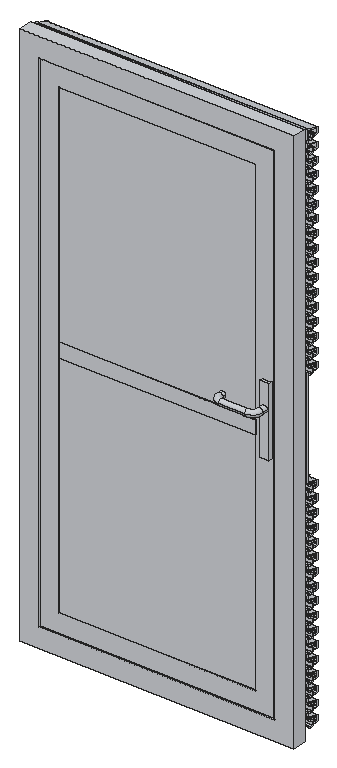
Revit family "NLRS_31_DO_WB_HS42R enkele deur-AV_jazo_jazo", category Doors, host Wall, Revit 2020 (continued)
Definition of nested family "NLRS_31_GM_UN_HS42R start schoep-AV"
  Automatic sketch dimensions
    plane 1 "Center (Front/Back)" to Extrusion 1 sketch curve = 18.195 mm
    Extrusion 1 sketch curve to Extrusion 1 sketch curve = 0 mm  (x2)
    Extrusion 1 sketch curve to Extrusion 1 sketch curve = 0.775 mm
    Extrusion 1 sketch curve to Extrusion 1 sketch curve = 0.005 mm
    Extrusion 1 sketch curve to plane 4 "Top" = 1.836 mm
    Extrusion 1 sketch curve to Extrusion 1 sketch curve = 0.69 mm
    Extrusion 1 sketch curve to Extrusion 1 sketch curve = 0.017 mm
    Extrusion 1 sketch curve to Extrusion 1 sketch curve = 0.902 mm
    Extrusion 1 sketch curve to plane 4 "Top" = 0.727 mm
    Extrusion 1 sketch curve to Extrusion 1 sketch curve = 0.966 mm
    Extrusion 1 sketch curve to Extrusion 1 sketch curve = 1.8 mm  (x3)
    Extrusion 1 sketch curve to Extrusion 1 sketch curve = 3.2 mm  (x2)
    Extrusion 1 sketch curve to plane 4 "Top" = 0.619 mm
    Extrusion 1 sketch curve to Extrusion 1 sketch curve = 0.445 mm
    Extrusion 1 sketch curve to Extrusion 1 sketch curve = 0.562 mm
    Extrusion 1 sketch curve to Extrusion 1 sketch curve = 0.384 mm  (x4)
    Extrusion 1 sketch curve to Extrusion 1 sketch curve = 13.42 mm
    Extrusion 1 sketch curve to Extrusion 1 sketch curve = 1.458 mm
    Extrusion 1 sketch curve to Extrusion 1 sketch curve = 0.292 mm
    Extrusion 1 sketch curve to Extrusion 1 sketch curve = 2.676 mm
    Extrusion 1 sketch curve to Extrusion 1 sketch curve = 1.151 mm  (x3)
    Extrusion 1 sketch curve to Extrusion 1 sketch curve = 1.602 mm
    Extrusion 1 sketch curve to Extrusion 1 sketch curve = 3.248 mm
    Extrusion 1 sketch curve to Extrusion 1 sketch curve = 1.968 mm
    Extrusion 1 sketch curve to Extrusion 1 sketch curve = 0.091 mm
    Extrusion 1 sketch curve to Extrusion 1 sketch curve = 1.014 mm
    Extrusion 1 sketch curve to Extrusion 1 sketch curve = 0.52 mm
    Extrusion 1 sketch curve to Extrusion 1 sketch curve = 1.76 mm
    Extrusion 1 sketch curve to Extrusion 1 sketch curve = 0.51 mm
    Extrusion 1 sketch curve to Extrusion 1 sketch curve = 6.368 mm
    Extrusion 1 sketch curve to Extrusion 1 sketch curve = 7.648 mm
    Extrusion 1 sketch curve to Extrusion 1 sketch curve = 0.43 mm
    Extrusion 1 sketch curve to Extrusion 1 sketch curve = 3.637 mm
    Extrusion 1 sketch curve to Extrusion 1 sketch curve = 1.96 mm
    Extrusion 1 sketch curve to Extrusion 1 sketch curve = 0.083 mm
    Extrusion 1 sketch curve to Extrusion 1 sketch curve = 0.551 mm
    Extrusion 1 sketch curve to Extrusion 1 sketch curve = 5.649 mm
    Extrusion 1 sketch curve to Extrusion 1 sketch curve = 1.554 mm
    Extrusion 1 sketch curve to Extrusion 1 sketch curve = 19.431 mm
    Extrusion 1 sketch curve to Extrusion 1 sketch curve = 10.3 mm
    Extrusion 1 sketch curve to Extrusion 1 sketch curve = 1.553 mm
    Extrusion 1 sketch curve to Extrusion 1 sketch curve = 0.583 mm
    Extrusion 1 sketch curve to Extrusion 1 sketch curve = 0.238 mm
    Extrusion 1 sketch curve to Extrusion 1 sketch curve = 18.595 mm
    Extrusion 1 sketch curve to Extrusion 1 sketch curve = 0.619 mm
    Extrusion 1 sketch curve to Extrusion 1 sketch curve = 0.659 mm
    Extrusion 1 sketch curve to Extrusion 1 sketch curve = 6.932 mm
    Extrusion 1 sketch curve to Extrusion 1 sketch curve = 1.853 mm
    Extrusion 1 sketch curve to Extrusion 1 sketch curve = 3.721 mm
    Extrusion 1 sketch curve to Extrusion 1 sketch curve = 0.603 mm
    Extrusion 1 sketch curve to Extrusion 1 sketch curve = 1.34 mm
    Extrusion 1 sketch curve to Extrusion 1 sketch curve = 0.261 mm
    Extrusion 1 sketch curve to Extrusion 1 sketch curve = 0.001 mm
    Extrusion 1 sketch curve to Extrusion 1 sketch curve = 0.003 mm
Definition of nested family "NLRS_31_GM_UN_HS42R scharnier schoep-AV"
  Parameters (values of type "HS42R scharnier schoep")
    URL = "www.jazo.com"
    NLRS_C_zichtbaar_01 = yes
    NLRS_C_stelruimte_01 = 4 mm  # constant formula
    NLRS_C_materiaal = none
    NLRS_C_breedte_01 = 40 mm  # constant formula
    NLRS_C_breedte [instance] = 1000 mm
    Model = ""
    Manufacturer = "JAZO Zevenaar bv"
    Description = "HS42R scharnier schoep"
    Default Elevation = 0 mm
    Assembly Code = "23.30.60.11.17.11"
  Reference planes
    plane 1 "Center (Front/Back)": y = 0
    plane 2 "Bottom": z = 0
    plane 3 "Center (Left/Right)": x = 0
    plane 4 "Top": z = 62.416
    plane 5 "Left": x = -500
    plane 6 "Right": x = 500
    plane 7 "schoep l": x = -496
    plane 8 "schoep r": x = 496
    plane 9 "scharnier": x = -456
    plane 10 "achterkant schoep": y = -25
    plane 11 "voorkant schoep": y = 25
    plane 12 "voorkant kozijn": y = -36
  Forms (mm)
    Extrusion 1, solid, material <- "NLRS_C_materiaal", visible <- "NLRS_C_zichtbaar_01"
      sketch origin (0, -15, 0) x (0, -1, 0) y (0, 0, -1)
        loop
          arc (-17.722, -2.209) -> (-18.256, -2.566) -> (-18.463, -3.175) r 1
          line (-18.463, -3.175) -> (-18.463, -18.692)
          arc (-18.463, -18.692) -> (-18.658, -19.089) -> (-19.092, -19.175) r 0.5
          line (-19.092, -19.175) -> (-24.123, -17.827)
          arc (-24.123, -17.827) -> (-25.225, -18.464) -> (-24.589, -19.566) r 0.9
          line (-24.589, -19.566) -> (-9.592, -23.584)
          arc (-9.592, -23.584) -> (-8.49, -22.948) -> (-9.126, -21.846) r 0.9
          line (-9.126, -21.846) -> (-16.663, -19.826) -> (-16.663, -3.789) -> (-9.126, -1.769)
          arc (-9.126, -1.769) -> (-8.49, -0.667) -> (-9.592, -0.031) r 0.9
          line (-9.592, -0.031) -> (-17.722, -2.209)
        loop
          arc (-30.663, -7.55) -> (-30.027, -6.448) -> (-31.129, -5.812) r 0.9
          line (-31.129, -5.812) -> (-39.259, -7.99)
          arc (-39.259, -7.99) -> (-39.793, -8.347) -> (-40, -8.956) r 1
          line (-40, -8.956) -> (-40, -27.421)
          arc (-40, -27.421) -> (-39.793, -28.03) -> (-39.259, -28.387) r 1
          line (-39.259, -28.387) -> (3.2, -39.764) -> (3.2, -59.722)
          arc (3.2, -59.722) -> (3.004, -60.119) -> (2.571, -60.205) r 0.5
          line (2.571, -60.205) -> (-2.671, -58.801)
          arc (-2.671, -58.801) -> (-3.773, -59.437) -> (-3.137, -60.54) r 0.9
          line (-3.137, -60.54) -> (3.741, -62.382)
          arc (3.741, -62.382) -> (4.609, -62.21) -> (5, -61.417) r 1
          line (5, -61.417) -> (5, -50.413) -> (10, -50.413) -> (10, -45.413) -> (8.2, -45.413) -> (8.2, -48.613) -> (5, -48.613) -> (5, -37.109)
          arc (5, -37.109) -> (4.098, -36.413) -> (3.195, -37.109) r 0.933
          line (3.195, -37.109) -> (3.195, -37.899) -> (-38.2, -26.807) -> (-38.2, -19.089) -> (-36.2, -19.089)
          arc (-36.2, -19.089) -> (-35.3, -18.189) -> (-36.2, -17.289) r 0.9
          line (-36.2, -17.289) -> (-38.2, -17.289) -> (-38.2, -9.57) -> (-30.663, -7.55)
      from -456 to 496
  Dimensions and locks
    equal spacing: plane 5 "Left", plane 3 "Center (Left/Right)", plane 6 "Right"
    "NLRS_C_breedte": plane 5 "Left" to plane 6 "Right"
    "NLRS_C_breedte_01": plane 7 "schoep l" to plane 9 "scharnier"
    "NLRS_C_stelruimte_01": plane 8 "schoep r" to plane 6 "Right"
    "NLRS_C_stelruimte_01": plane 5 "Left" to plane 7 "schoep l"
    locked: plane 10 "achterkant schoep" to plane 12 "voorkant kozijn" at 11
    aligned and locked: level to plane 2 "Bottom"
    aligned and locked: plane 8 "schoep r" to Extrusion 1
    aligned and locked: Extrusion 1 to plane 9 "scharnier"
  Automatic sketch dimensions
    Extrusion 1 sketch curve to plane 1 "Center (Front/Back)" = 25 mm
    Extrusion 1 sketch curve to Extrusion 1 sketch curve = 0.741 mm  (x3)
    level to Extrusion 1 sketch curve = 7.99 mm
    Extrusion 1 sketch curve to Extrusion 1 sketch curve = 1 mm
    Extrusion 1 sketch curve to Extrusion 1 sketch curve = 0.259 mm  (x3)
    Extrusion 1 sketch curve to Extrusion 1 sketch curve = 0.8 mm  (x3)
    Extrusion 1 sketch curve to Extrusion 1 sketch curve = 2 mm
    Extrusion 1 sketch curve to Extrusion 1 sketch curve = 7.071 mm
    Extrusion 1 sketch curve to Extrusion 1 sketch curve = 0.233 mm  (x10)
    level to Extrusion 1 sketch curve = 7.55 mm
    Extrusion 1 sketch curve to plane 1 "Center (Front/Back)" = 9.589 mm
    Extrusion 1 sketch curve to plane 1 "Center (Front/Back)" = 4.092 mm
    Extrusion 1 sketch curve to Extrusion 1 sketch curve = 0.129 mm  (x2)
    Extrusion 1 sketch curve to plane 1 "Center (Front/Back)" = 3.463 mm
    level to Extrusion 1 sketch curve = 0.031 mm
    plane 1 "Center (Front/Back)" to Extrusion 1 sketch curve = 5.408 mm  (x2)
    level to Extrusion 1 sketch curve = 1.769 mm
    Extrusion 1 sketch curve to plane 4 "Top" = 1.877 mm
    plane 1 "Center (Front/Back)" to Extrusion 1 sketch curve = 11.863 mm
    Extrusion 1 sketch curve to plane 4 "Top" = 3.615 mm
    Extrusion 1 sketch curve to plane 4 "Top" = 2.211 mm
    Extrusion 1 sketch curve to Extrusion 1 sketch curve = 5.241 mm
    plane 1 "Center (Front/Back)" to Extrusion 1 sketch curve = 18.195 mm
    Extrusion 1 sketch curve to Extrusion 1 sketch curve = 0.005 mm
    Extrusion 1 sketch curve to plane 4 "Top" = 0.034 mm
    Extrusion 1 sketch curve to Extrusion 1 sketch curve = 1.171 mm
    Extrusion 1 sketch curve to Extrusion 1 sketch curve = 0.902 mm  (x2)
    Extrusion 1 sketch curve to Extrusion 1 sketch curve = 1.8 mm  (x3)
    Extrusion 1 sketch curve to Extrusion 1 sketch curve = 3.2 mm  (x2)
    Extrusion 1 sketch curve to Extrusion 1 sketch curve = 9.31 mm
    Extrusion 1 sketch curve to Extrusion 1 sketch curve = 5.649 mm
    Extrusion 1 sketch curve to Extrusion 1 sketch curve = 1.865 mm
    Extrusion 1 sketch curve to Extrusion 1 sketch curve = 0.553 mm
    Extrusion 1 sketch curve to Extrusion 1 sketch curve = 0.79 mm
    Extrusion 1 sketch curve to Extrusion 1 sketch curve = 19.431 mm
    Extrusion 1 sketch curve to Extrusion 1 sketch curve = 0.614 mm  (x3)
    Extrusion 1 sketch curve to Extrusion 1 sketch curve = 13.525 mm
    Extrusion 1 sketch curve to Extrusion 1 sketch curve = 0.869 mm  (x3)
    Extrusion 1 sketch curve to Extrusion 1 sketch curve = 2.019 mm
    Extrusion 1 sketch curve to Extrusion 1 sketch curve = 0.26 mm
    Extrusion 1 sketch curve to Extrusion 1 sketch curve = 0.651 mm
    Extrusion 1 sketch curve to Extrusion 1 sketch curve = 7.719 mm
    Extrusion 1 sketch curve to Extrusion 1 sketch curve = 0.9 mm
    level to Extrusion 1 sketch curve = 3.789 mm
Definition of nested family "NLRS_31_GM_UN_HS42R schoep-AV"
  Parameters (values of type "HS42R schoep")
    URL = "www.jazo.com"
    NLRS_C_zichtbaar_01 = yes
    NLRS_C_stelruimte_01 = 4 mm  # constant formula
    NLRS_C_materiaal = none
    NLRS_C_breedte [instance] = 1000 mm
    Model = ""
    Manufacturer = "JAZO Zevenaar bv"
    Description = "HS42R schoep"
    Default Elevation = 0 mm
    Assembly Code = "23.30.60.11.17.11"
  Reference planes
    plane 1 "Center (Front/Back)": y = 0
    plane 2 "Bottom": z = 0
    plane 3 "Center (Left/Right)": x = 0
    plane 4 "Top": z = 62.416
    plane 5 "Left": x = -500
    plane 6 "Right": x = 500
    plane 7 "schoep l": x = -496
    plane 8 "schoep r": x = 496
    plane 9 "achterkant schoep": y = -25
    plane 10 "voorkant schoep": y = 25
    plane 11 "voorkant kozijn": y = -36
  Forms (mm)
    Extrusion 1, solid, material <- "NLRS_C_materiaal", visible <- "NLRS_C_zichtbaar_01"
      sketch origin (0, -15, 0) x (0, -1, 0) y (0, 0, -1)
        loop
          arc (-17.722, -2.209) -> (-18.256, -2.566) -> (-18.463, -3.175) r 1
          line (-18.463, -3.175) -> (-18.463, -18.692)
          arc (-18.463, -18.692) -> (-18.658, -19.089) -> (-19.092, -19.175) r 0.5
          line (-19.092, -19.175) -> (-24.123, -17.827)
          arc (-24.123, -17.827) -> (-25.225, -18.464) -> (-24.589, -19.566) r 0.9
          line (-24.589, -19.566) -> (-9.592, -23.584)
          arc (-9.592, -23.584) -> (-8.49, -22.948) -> (-9.126, -21.846) r 0.9
          line (-9.126, -21.846) -> (-16.663, -19.826) -> (-16.663, -3.789) -> (-9.126, -1.769)
          arc (-9.126, -1.769) -> (-8.49, -0.667) -> (-9.592, -0.031) r 0.9
          line (-9.592, -0.031) -> (-17.722, -2.209)
        loop
          arc (-30.663, -7.55) -> (-30.027, -6.448) -> (-31.129, -5.812) r 0.9
          line (-31.129, -5.812) -> (-39.259, -7.99)
          arc (-39.259, -7.99) -> (-39.793, -8.347) -> (-40, -8.956) r 1
          line (-40, -8.956) -> (-40, -27.421)
          arc (-40, -27.421) -> (-39.793, -28.03) -> (-39.259, -28.387) r 1
          line (-39.259, -28.387) -> (3.2, -39.764) -> (3.2, -59.722)
          arc (3.2, -59.722) -> (3.004, -60.119) -> (2.571, -60.205) r 0.5
          line (2.571, -60.205) -> (-2.671, -58.801)
          arc (-2.671, -58.801) -> (-3.773, -59.437) -> (-3.137, -60.54) r 0.9
          line (-3.137, -60.54) -> (3.741, -62.382)
          arc (3.741, -62.382) -> (4.609, -62.21) -> (5, -61.417) r 1
          line (5, -61.417) -> (5, -50.413) -> (10, -50.413) -> (10, -45.413) -> (8.2, -45.413) -> (8.2, -48.613) -> (5, -48.613) -> (5, -37.109)
          arc (5, -37.109) -> (4.098, -36.413) -> (3.195, -37.109) r 0.933
          line (3.195, -37.109) -> (3.195, -37.899) -> (-38.2, -26.807) -> (-38.2, -19.089) -> (-36.2, -19.089)
          arc (-36.2, -19.089) -> (-35.3, -18.189) -> (-36.2, -17.289) r 0.9
          line (-36.2, -17.289) -> (-38.2, -17.289) -> (-38.2, -9.57) -> (-30.663, -7.55)
      from -496 to 496
  Dimensions and locks
    equal spacing: plane 5 "Left", plane 3 "Center (Left/Right)", plane 6 "Right"
    "NLRS_C_breedte": plane 5 "Left" to plane 6 "Right"
    "NLRS_C_stelruimte_01": plane 8 "schoep r" to plane 6 "Right"
    "NLRS_C_stelruimte_01": plane 5 "Left" to plane 7 "schoep l"
    locked: plane 9 "achterkant schoep" to plane 11 "voorkant kozijn" at 11
    aligned and locked: level to plane 2 "Bottom"
    aligned and locked: plane 8 "schoep r" to Extrusion 1
    aligned and locked: Extrusion 1 to plane 7 "schoep l"
  Automatic sketch dimensions
    Extrusion 1 sketch curve to plane 1 "Center (Front/Back)" = 25 mm
    Extrusion 1 sketch curve to Extrusion 1 sketch curve = 0.741 mm  (x3)
    level to Extrusion 1 sketch curve = 7.99 mm
    Extrusion 1 sketch curve to Extrusion 1 sketch curve = 1 mm
    Extrusion 1 sketch curve to Extrusion 1 sketch curve = 0.259 mm  (x3)
    Extrusion 1 sketch curve to Extrusion 1 sketch curve = 0.8 mm  (x3)
    Extrusion 1 sketch curve to Extrusion 1 sketch curve = 2 mm
    Extrusion 1 sketch curve to Extrusion 1 sketch curve = 7.071 mm
    Extrusion 1 sketch curve to Extrusion 1 sketch curve = 0.233 mm  (x10)
    level to Extrusion 1 sketch curve = 7.55 mm
    Extrusion 1 sketch curve to plane 1 "Center (Front/Back)" = 9.589 mm
    Extrusion 1 sketch curve to plane 1 "Center (Front/Back)" = 4.092 mm
    Extrusion 1 sketch curve to Extrusion 1 sketch curve = 0.129 mm  (x2)
    Extrusion 1 sketch curve to plane 1 "Center (Front/Back)" = 3.463 mm
    level to Extrusion 1 sketch curve = 0.031 mm
    plane 1 "Center (Front/Back)" to Extrusion 1 sketch curve = 5.408 mm  (x2)
    level to Extrusion 1 sketch curve = 1.769 mm
    Extrusion 1 sketch curve to plane 4 "Top" = 1.877 mm
    plane 1 "Center (Front/Back)" to Extrusion 1 sketch curve = 11.863 mm
    Extrusion 1 sketch curve to plane 4 "Top" = 3.615 mm
    Extrusion 1 sketch curve to plane 4 "Top" = 2.211 mm
    Extrusion 1 sketch curve to Extrusion 1 sketch curve = 5.241 mm
    plane 1 "Center (Front/Back)" to Extrusion 1 sketch curve = 18.195 mm
    Extrusion 1 sketch curve to Extrusion 1 sketch curve = 0.005 mm
    Extrusion 1 sketch curve to plane 4 "Top" = 0.034 mm
    Extrusion 1 sketch curve to Extrusion 1 sketch curve = 1.171 mm
    Extrusion 1 sketch curve to Extrusion 1 sketch curve = 0.902 mm  (x2)
    Extrusion 1 sketch curve to Extrusion 1 sketch curve = 1.8 mm  (x3)
    Extrusion 1 sketch curve to Extrusion 1 sketch curve = 3.2 mm  (x2)
    Extrusion 1 sketch curve to Extrusion 1 sketch curve = 9.31 mm
    Extrusion 1 sketch curve to Extrusion 1 sketch curve = 5.649 mm
    Extrusion 1 sketch curve to Extrusion 1 sketch curve = 1.865 mm
    Extrusion 1 sketch curve to Extrusion 1 sketch curve = 0.553 mm
    Extrusion 1 sketch curve to Extrusion 1 sketch curve = 0.79 mm
    Extrusion 1 sketch curve to Extrusion 1 sketch curve = 19.431 mm
    Extrusion 1 sketch curve to Extrusion 1 sketch curve = 0.614 mm  (x3)
    Extrusion 1 sketch curve to Extrusion 1 sketch curve = 13.525 mm
    Extrusion 1 sketch curve to Extrusion 1 sketch curve = 0.869 mm  (x3)
    Extrusion 1 sketch curve to Extrusion 1 sketch curve = 2.019 mm
    Extrusion 1 sketch curve to Extrusion 1 sketch curve = 0.26 mm
    Extrusion 1 sketch curve to Extrusion 1 sketch curve = 0.651 mm
    Extrusion 1 sketch curve to Extrusion 1 sketch curve = 7.719 mm
    Extrusion 1 sketch curve to Extrusion 1 sketch curve = 0.9 mm
    level to Extrusion 1 sketch curve = 3.789 mm
Definition of nested family "NLRS_31_GM_UN_HS42R beslag schoep-AV"
  Parameters (values of type "HS42R beslag schoep")
    URL = "www.jazo.com"
    NLRS_C_zichtbaar_01 = yes
    NLRS_C_stelruimte_01 = 4 mm  # constant formula
    NLRS_C_materiaal = none
    NLRS_C_breedte_01 = 275 mm  # constant formula
    NLRS_C_breedte [instance] = 1000 mm
    Model = ""
    Manufacturer = "JAZO Zevenaar bv"
    Description = "HS42R beslag schoep"
    Default Elevation = 0 mm
    Assembly Code = "23.30.60.11.17.11"
  Reference planes
    plane 1 "Center (Front/Back)": y = 0
    plane 2 "Bottom": z = 0
    plane 3 "Center (Left/Right)": x = 0
    plane 4 "Top": z = 62.416
    plane 5 "Left": x = -500
    plane 6 "Right": x = 500
    plane 7 "schoep l": x = -496
    plane 8 "schoep r": x = 496
    plane 9 "beslag": x = 221
    plane 10 "achterkant schoep": y = -25
    plane 11 "voorkant schoep": y = 25
    plane 12 "voorkant kozijn": y = -36
  Forms (mm)
    Extrusion 1, solid, material <- "NLRS_C_materiaal", visible <- "NLRS_C_zichtbaar_01"
      sketch origin (0, -15, 0) x (0, -1, 0) y (0, 0, -1)
        loop
          arc (-17.722, -2.209) -> (-18.256, -2.566) -> (-18.463, -3.175) r 1
          line (-18.463, -3.175) -> (-18.463, -18.692)
          arc (-18.463, -18.692) -> (-18.658, -19.089) -> (-19.092, -19.175) r 0.5
          line (-19.092, -19.175) -> (-24.123, -17.827)
          arc (-24.123, -17.827) -> (-25.225, -18.464) -> (-24.589, -19.566) r 0.9
          line (-24.589, -19.566) -> (-9.592, -23.584)
          arc (-9.592, -23.584) -> (-8.49, -22.948) -> (-9.126, -21.846) r 0.9
          line (-9.126, -21.846) -> (-16.663, -19.826) -> (-16.663, -3.789) -> (-9.126, -1.769)
          arc (-9.126, -1.769) -> (-8.49, -0.667) -> (-9.592, -0.031) r 0.9
          line (-9.592, -0.031) -> (-17.722, -2.209)
        loop
          arc (-30.663, -7.55) -> (-30.027, -6.448) -> (-31.129, -5.812) r 0.9
          line (-31.129, -5.812) -> (-39.259, -7.99)
          arc (-39.259, -7.99) -> (-39.793, -8.347) -> (-40, -8.956) r 1
          line (-40, -8.956) -> (-40, -27.421)
          arc (-40, -27.421) -> (-39.793, -28.03) -> (-39.259, -28.387) r 1
          line (-39.259, -28.387) -> (3.2, -39.764) -> (3.2, -59.722)
          arc (3.2, -59.722) -> (3.004, -60.119) -> (2.571, -60.205) r 0.5
          line (2.571, -60.205) -> (-2.671, -58.801)
          arc (-2.671, -58.801) -> (-3.773, -59.437) -> (-3.137, -60.54) r 0.9
          line (-3.137, -60.54) -> (3.741, -62.382)
          arc (3.741, -62.382) -> (4.609, -62.21) -> (5, -61.417) r 1
          line (5, -61.417) -> (5, -50.413) -> (10, -50.413) -> (10, -45.413) -> (8.2, -45.413) -> (8.2, -48.613) -> (5, -48.613) -> (5, -37.109)
          arc (5, -37.109) -> (4.098, -36.413) -> (3.195, -37.109) r 0.933
          line (3.195, -37.109) -> (3.195, -37.899) -> (-38.2, -26.807) -> (-38.2, -19.089) -> (-36.2, -19.089)
          arc (-36.2, -19.089) -> (-35.3, -18.189) -> (-36.2, -17.289) r 0.9
          line (-36.2, -17.289) -> (-38.2, -17.289) -> (-38.2, -9.57) -> (-30.663, -7.55)
      from -496 to 221
  Dimensions and locks
    equal spacing: plane 5 "Left", plane 3 "Center (Left/Right)", plane 6 "Right"
    "NLRS_C_breedte": plane 5 "Left" to plane 6 "Right"
    "NLRS_C_breedte_01": plane 9 "beslag" to plane 8 "schoep r"
    "NLRS_C_stelruimte_01": plane 8 "schoep r" to plane 6 "Right"
    "NLRS_C_stelruimte_01": plane 5 "Left" to plane 7 "schoep l"
    locked: plane 10 "achterkant schoep" to plane 12 "voorkant kozijn" at 11
    aligned and locked: level to plane 2 "Bottom"
    aligned and locked: Extrusion 1 to plane 7 "schoep l"
    aligned and locked: plane 9 "beslag" to Extrusion 1
  Automatic sketch dimensions
    Extrusion 1 sketch curve to plane 1 "Center (Front/Back)" = 25 mm
    Extrusion 1 sketch curve to Extrusion 1 sketch curve = 0.741 mm  (x3)
    level to Extrusion 1 sketch curve = 7.99 mm
    Extrusion 1 sketch curve to Extrusion 1 sketch curve = 1 mm
    Extrusion 1 sketch curve to Extrusion 1 sketch curve = 0.259 mm  (x3)
    Extrusion 1 sketch curve to Extrusion 1 sketch curve = 0.8 mm  (x3)
    Extrusion 1 sketch curve to Extrusion 1 sketch curve = 2 mm
    Extrusion 1 sketch curve to Extrusion 1 sketch curve = 7.071 mm
    Extrusion 1 sketch curve to Extrusion 1 sketch curve = 0.233 mm  (x10)
    level to Extrusion 1 sketch curve = 7.55 mm
    Extrusion 1 sketch curve to plane 1 "Center (Front/Back)" = 9.589 mm
    Extrusion 1 sketch curve to plane 1 "Center (Front/Back)" = 4.092 mm
    Extrusion 1 sketch curve to Extrusion 1 sketch curve = 0.129 mm  (x2)
    Extrusion 1 sketch curve to plane 1 "Center (Front/Back)" = 3.463 mm
    level to Extrusion 1 sketch curve = 0.031 mm
    plane 1 "Center (Front/Back)" to Extrusion 1 sketch curve = 5.408 mm  (x2)
    level to Extrusion 1 sketch curve = 1.769 mm
    Extrusion 1 sketch curve to plane 4 "Top" = 1.877 mm
    plane 1 "Center (Front/Back)" to Extrusion 1 sketch curve = 11.863 mm
    Extrusion 1 sketch curve to plane 4 "Top" = 3.615 mm
    Extrusion 1 sketch curve to plane 4 "Top" = 2.211 mm
    Extrusion 1 sketch curve to Extrusion 1 sketch curve = 5.241 mm
    plane 1 "Center (Front/Back)" to Extrusion 1 sketch curve = 18.195 mm
    Extrusion 1 sketch curve to Extrusion 1 sketch curve = 0.005 mm
    Extrusion 1 sketch curve to plane 4 "Top" = 0.034 mm
    Extrusion 1 sketch curve to Extrusion 1 sketch curve = 1.171 mm
    Extrusion 1 sketch curve to Extrusion 1 sketch curve = 0.902 mm  (x2)
    Extrusion 1 sketch curve to Extrusion 1 sketch curve = 1.8 mm  (x3)
    Extrusion 1 sketch curve to Extrusion 1 sketch curve = 3.2 mm  (x2)
    Extrusion 1 sketch curve to Extrusion 1 sketch curve = 9.31 mm
    Extrusion 1 sketch curve to Extrusion 1 sketch curve = 5.649 mm
    Extrusion 1 sketch curve to Extrusion 1 sketch curve = 1.865 mm
    Extrusion 1 sketch curve to Extrusion 1 sketch curve = 0.553 mm
    Extrusion 1 sketch curve to Extrusion 1 sketch curve = 0.79 mm
    Extrusion 1 sketch curve to Extrusion 1 sketch curve = 19.431 mm
    Extrusion 1 sketch curve to Extrusion 1 sketch curve = 0.614 mm  (x3)
    Extrusion 1 sketch curve to Extrusion 1 sketch curve = 13.525 mm
    Extrusion 1 sketch curve to Extrusion 1 sketch curve = 0.869 mm  (x3)
    Extrusion 1 sketch curve to Extrusion 1 sketch curve = 2.019 mm
    Extrusion 1 sketch curve to Extrusion 1 sketch curve = 0.26 mm
    Extrusion 1 sketch curve to Extrusion 1 sketch curve = 0.651 mm
    Extrusion 1 sketch curve to Extrusion 1 sketch curve = 7.719 mm
    Extrusion 1 sketch curve to Extrusion 1 sketch curve = 0.9 mm
    level to Extrusion 1 sketch curve = 3.789 mm
Definition of nested family "NLRS_31_GM_UN_beslagbak HS42R-AV"
  Parameters (values of type "beslagbak HS42R")
    URL = "www.jazo.com"
    NLRS_C_diepte_01 = 50 mm
    NLRS_C_afstand = if(JAZO_C_enkele deur, 95 mm, if(JAZO_C_dubbele deur, 56 mm, 56 mm))  # 95 mm
    Model = ""
    Manufacturer = "JAZO Zevenaar bv"
    JAZO_C_opbouwrooster HS42R = yes
    JAZO_C_materiaal schoep = none
    JAZO_C_materiaal beslag = none
    JAZO_C_enkele deur = yes
    JAZO_C_dubbele deur = no
    Description = "Beslagbak HS42R"
    Default Elevation = 0 mm
    Assembly Code = "23.30.40.31"
  Reference planes
    plane 1 "Center (Front/Back)": y = 0
    plane 2 "Bottom": z = 0
    plane 3 "Center (Left/Right)": x = 0
    plane 4 "Tussen": x = -179.999
    plane 5 "Right": x = 95
    plane 6 "Left": x = -240
    plane 7 "center hs42r": z = 280
    plane 8 "knop-kruk": x = 0
    plane 9 "stelruimte belsagbak": x = 99
    plane 10 "voorkant kozijn": y = -11
  Dimensions and locks
    plane 4 "Tussen" to plane 3 "Center (Left/Right)" = 179.999 mm
    plane 3 "Center (Left/Right)" to plane 5 "Right" = 95 mm
    plane 4 "Tussen" to plane 5 "Right" = 274.999 mm
    plane 6 "Left" to plane 4 "Tussen" = 60.001 mm
    "NLRS_C_afstand": plane 5 "Right" to plane 8 "knop-kruk"
    locked: plane 5 "Right" to plane 9 "stelruimte belsagbak" at 4
    locked: plane 10 "voorkant kozijn" to plane 1 "Center (Front/Back)" at 11
    aligned and locked: level to plane 2 "Bottom"
    aligned and locked: plane 1 "Center (Front/Back)" to nested 1
    aligned and locked: plane 7 "center hs42r" to nested 2
    aligned and locked: plane 8 "knop-kruk" to nested 2
  Nested families
    nested 1: "NLRS_31_GM_UN_beslagbak los HS42R-AV" at (0, 0, 0), visible <- "JAZO_C_opbouwrooster HS42R", type "beslagbak HS42R"
    nested 2: "NLRS_31_GM_UN_beslag opbouwrooster-AV" at (0, -11, 117), visible <- "JAZO_C_opbouwrooster HS42R", type "beslag opbouwrooster"
  Definition of nested family "NLRS_31_GM_UN_beslagbak los HS42R-AV"
    Parameters (values of type "beslagbak HS42R")
      URL = "www.jazo.com"
      NLRS_C_materiaal = none
      Model = ""
      Manufacturer = "Jazo Zevenaar bv"
      Description = "Beslagbak HS42R"
      Default Elevation = 0 mm
      Assembly Code = "23.30.4031"
    Reference planes
      plane 1 "Center (Front/Back)": y = 0
      plane 2 "Bottom": z = 0
      plane 3 "Center (Left/Right)": x = 0
      plane 4 "Tussen": x = -180
      plane 5 "Right": x = 95
      plane 6 "Left": x = -240
      plane 7 "mid": x = -212
    Forms (mm)
      Extrusion 1, solid, material <- "NLRS_C_materiaal"
        sketch origin (0, 0, 67.049) x (0, 1, 0) y (0, 0, 1)
          loop
            line (1.8, 332.52) -> (1.8, -27.789) -> (48.2, -40.222) -> (48.2, -47.941) -> (46.2, -47.941)
            arc (46.2, -47.941) -> (45.3, -48.841) -> (46.2, -49.741) r 0.9
            line (46.2, -49.741) -> (48.2, -49.741) -> (48.2, -57.46) -> (40.663, -59.479)
            arc (40.663, -59.479) -> (40.027, -60.582) -> (41.129, -61.218) r 0.9
            line (41.129, -61.218) -> (49.259, -59.04)
            arc (49.259, -59.04) -> (49.793, -58.683) -> (50, -58.074) r 1
            line (50, -58.074) -> (50, -39.608)
            arc (50, -39.608) -> (49.793, -39) -> (49.259, -38.643) r 1
            line (49.259, -38.643) -> (4, -26.515) -> (4, 330.067) -> (12.671, 327.743)
            arc (12.671, 327.743) -> (13.773, 328.38) -> (13.137, 329.482) r 0.9
            line (13.137, 329.482) -> (1.8, 332.52)
          loop
            arc (19.592, -43.445) -> (18.49, -44.082) -> (19.126, -45.184) r 0.9
            line (19.126, -45.184) -> (26.663, -47.203) -> (26.663, -63.241) -> (19.126, -65.26)
            arc (19.126, -65.26) -> (18.49, -66.363) -> (19.592, -66.999) r 0.9
            line (19.592, -66.999) -> (27.722, -64.821)
            arc (27.722, -64.821) -> (28.256, -64.464) -> (28.463, -63.855) r 1
            line (28.463, -63.855) -> (28.463, -48.337)
            arc (28.463, -48.337) -> (28.658, -47.941) -> (29.092, -47.854) r 0.5
            line (29.092, -47.854) -> (34.123, -49.202)
            arc (34.123, -49.202) -> (35.225, -48.566) -> (34.589, -47.464) r 0.9
            line (34.589, -47.464) -> (19.592, -43.445)
        from 95 to -180
      Extrusion 2, solid, material <- "NLRS_C_materiaal"
        sketch origin (0, 1.8, 0) x (1, 0, 0) y (0, 1, 0)
          loop
            line (-240, 0) -> (-240, -9)
            arc (-240, -9) -> (-239.414, -10.414) -> (-238, -11) r 2
            line (-238, -11) -> (-212, -11)
            arc (-212, -11) -> (-210.586, -10.414) -> (-210, -9) r 2
            line (-210, -9) -> (-210, -2.014)
            arc (-210, -2.014) -> (-209.41, -0.59) -> (-207.986, 0) r 2.014
            line (-207.986, 0) -> (-180, 0) -> (-180, 2.2) -> (-207.786, 2.2)
            arc (-207.786, 2.2) -> (-210.766, 0.966) -> (-212, -2.014) r 4.214
            line (-212, -2.014) -> (-212, -9) -> (-238, -9) -> (-238, 0) -> (-240, 0)
        from 397.116 to 39.26
      Extrusion 3, void
        sketch origin (0, 0, 0) x (0, 1, 0) y (0, 0, 1)
          loop
            line (-0.5, 386.932) -> (-0.5, 380.932) -> (1.8, 380.932) -> (1.8, 384.132) -> (5, 384.132) -> (5, 386.932) -> (-0.5, 386.932)
        from -180 to -240.5
      Extrusion 4, void
        sketch origin (0, 0, -48) x (0, 1, 0) y (0, 0, 1)
          loop
            line (-0.5, 386.932) -> (-0.5, 380.932) -> (1.8, 380.932) -> (1.8, 384.132) -> (5, 384.132) -> (5, 386.932) -> (-0.5, 386.932)
        from -180 to -240.5
      Extrusion 5, void
        sketch origin (0, 0, -96) x (0, 1, 0) y (0, 0, 1)
          loop
            line (-0.5, 386.932) -> (-0.5, 380.932) -> (1.8, 380.932) -> (1.8, 384.132) -> (5, 384.132) -> (5, 386.932) -> (-0.5, 386.932)
        from -180 to -240.5
      Extrusion 6, void
        sketch origin (0, 0, -144) x (0, 1, 0) y (0, 0, 1)
          loop
            line (-0.5, 386.932) -> (-0.5, 380.932) -> (1.8, 380.932) -> (1.8, 384.132) -> (5, 384.132) -> (5, 386.932) -> (-0.5, 386.932)
        from -180 to -240.5
      Extrusion 7, void
        sketch origin (0, 0, -192) x (0, 1, 0) y (0, 0, 1)
          loop
            line (-0.5, 386.932) -> (-0.5, 380.932) -> (1.8, 380.932) -> (1.8, 384.132) -> (5, 384.132) -> (5, 386.932) -> (-0.5, 386.932)
        from -180 to -240.5
      Extrusion 8, void
        sketch origin (0, 0, -240) x (0, 1, 0) y (0, 0, 1)
          loop
            line (-0.5, 386.932) -> (-0.5, 380.932) -> (1.8, 380.932) -> (1.8, 384.132) -> (5, 384.132) -> (5, 386.932) -> (-0.5, 386.932)
        from -180 to -240.5
      Extrusion 9, void
        sketch origin (0, 0, -288) x (0, 1, 0) y (0, 0, 1)
          loop
            line (-0.5, 386.932) -> (-0.5, 380.932) -> (1.8, 380.932) -> (1.8, 384.132) -> (5, 384.132) -> (5, 386.932) -> (-0.5, 386.932)
        from -180 to -240.5
      Extrusion 10, void
        sketch origin (0, 0, -336) x (0, 1, 0) y (0, 0, 1)
          loop
            line (-0.5, 386.932) -> (-0.5, 380.932) -> (1.8, 380.932) -> (1.8, 384.132) -> (5, 384.132) -> (5, 386.932) -> (-0.5, 386.932)
        from -180 to -240.5
      Extrusion 11, solid, material <- "NLRS_C_materiaal"
        sketch origin (-333, 0, 67.049) x (0, 1, 0) y (0, 0, 1)
          loop
            line (1.8, 317.083) -> (1.8, 269.083) -> (1.8, 221.083) -> (1.8, 173.083) -> (1.8, 125.083) -> (1.8, 77.083) -> (1.8, 29.083) -> (1.8, -16.117) -> (1.8, -27.789) -> (4.5, -28.513) -> (4.5, -16.117) -> (4.5, -5.613)
            arc (4.5, -5.613) -> (5.087, -4.423) -> (6.388, -4.164) r 1.5
            line (6.388, -4.164) -> (13.266, -6.007)
            arc (13.266, -6.007) -> (13.894, -6.369) -> (14.256, -6.997) r 1.4
            line (14.256, -6.997) -> (14.256, -11.917) -> (26.163, -15.107) -> (26.163, 0.413) -> (18.997, 2.333)
            arc (18.997, 2.333) -> (18.007, 4.048) -> (19.721, 5.038) r 1.4
            line (19.721, 5.038) -> (34.718, 1.019)
            arc (34.718, 1.019) -> (35.708, -0.695) -> (33.994, -1.685) r 1.4
            line (33.994, -1.685) -> (28.963, -0.337) -> (28.963, -4.056) -> (47.7, -9.076) -> (47.7, -2.241) -> (46.2, -2.241)
            arc (46.2, -2.241) -> (44.8, -0.841) -> (46.2, 0.559) r 1.4
            line (46.2, 0.559) -> (47.7, 0.559) -> (47.7, 7.394) -> (7.332, 18.211)
            arc (7.332, 18.211) -> (5.998, 16.887) -> (4.5, 18.022) r 1.433
            line (4.5, 18.022) -> (4.5, 31.883) -> (4.5, 42.387)
            arc (4.5, 42.387) -> (5.087, 43.577) -> (6.388, 43.836) r 1.5
            line (6.388, 43.836) -> (13.266, 41.993)
            arc (13.266, 41.993) -> (13.894, 41.631) -> (14.256, 41.003) r 1.4
            line (14.256, 41.003) -> (14.256, 36.083) -> (26.163, 32.893) -> (26.163, 48.413) -> (18.997, 50.333)
            arc (18.997, 50.333) -> (18.007, 52.048) -> (19.721, 53.038) r 1.4
            line (19.721, 53.038) -> (34.718, 49.019)
            arc (34.718, 49.019) -> (35.708, 47.305) -> (33.994, 46.315) r 1.4
            line (33.994, 46.315) -> (28.963, 47.663) -> (28.963, 43.944) -> (47.7, 38.924) -> (47.7, 45.759) -> (46.2, 45.759)
            arc (46.2, 45.759) -> (44.8, 47.159) -> (46.2, 48.559) r 1.4
            line (46.2, 48.559) -> (47.7, 48.559) -> (47.7, 55.394) -> (7.332, 66.211)
            arc (7.332, 66.211) -> (5.998, 64.887) -> (4.5, 66.022) r 1.433
            line (4.5, 66.022) -> (4.5, 79.883) -> (4.5, 90.387)
            arc (4.5, 90.387) -> (5.087, 91.577) -> (6.388, 91.836) r 1.5
            line (6.388, 91.836) -> (13.266, 89.993)
            arc (13.266, 89.993) -> (13.894, 89.631) -> (14.256, 89.003) r 1.4
            line (14.256, 89.003) -> (14.256, 84.083) -> (26.163, 80.893) -> (26.163, 96.413) -> (18.997, 98.333)
            arc (18.997, 98.333) -> (18.007, 100.048) -> (19.721, 101.038) r 1.4
            line (19.721, 101.038) -> (34.718, 97.019)
            arc (34.718, 97.019) -> (35.708, 95.305) -> (33.994, 94.315) r 1.4
            line (33.994, 94.315) -> (28.963, 95.663) -> (28.963, 91.944) -> (47.7, 86.924) -> (47.7, 93.759) -> (46.2, 93.759)
            arc (46.2, 93.759) -> (44.8, 95.159) -> (46.2, 96.559) r 1.4
            line (46.2, 96.559) -> (47.7, 96.559) -> (47.7, 103.394) -> (7.332, 114.211)
            arc (7.332, 114.211) -> (5.998, 112.887) -> (4.5, 114.022) r 1.433
            line (4.5, 114.022) -> (4.5, 127.883) -> (4.5, 138.387)
            arc (4.5, 138.387) -> (5.087, 139.577) -> (6.388, 139.836) r 1.5
            line (6.388, 139.836) -> (13.266, 137.993)
            arc (13.266, 137.993) -> (13.894, 137.631) -> (14.256, 137.003) r 1.4
            line (14.256, 137.003) -> (14.256, 132.083) -> (26.163, 128.893) -> (26.163, 144.413) -> (18.997, 146.333)
            arc (18.997, 146.333) -> (18.007, 148.048) -> (19.721, 149.038) r 1.4
            line (19.721, 149.038) -> (34.718, 145.019)
            arc (34.718, 145.019) -> (35.708, 143.305) -> (33.994, 142.315) r 1.4
            line (33.994, 142.315) -> (28.963, 143.663) -> (28.963, 139.944) -> (47.7, 134.924) -> (47.7, 141.759) -> (46.2, 141.759)
            arc (46.2, 141.759) -> (44.8, 143.159) -> (46.2, 144.559) r 1.4
            line (46.2, 144.559) -> (47.7, 144.559) -> (47.7, 151.394) -> (7.332, 162.211)
            arc (7.332, 162.211) -> (5.998, 160.887) -> (4.5, 162.022) r 1.433
            line (4.5, 162.022) -> (4.5, 173.083) -> (4.5, 186.387)
            arc (4.5, 186.387) -> (5.087, 187.577) -> (6.388, 187.836) r 1.5
            line (6.388, 187.836) -> (13.266, 185.993)
            arc (13.266, 185.993) -> (13.894, 185.631) -> (14.256, 185.003) r 1.4
            line (14.256, 185.003) -> (14.256, 180.083) -> (26.163, 176.893) -> (26.163, 192.413) -> (18.997, 194.333)
            arc (18.997, 194.333) -> (18.007, 196.048) -> (19.721, 197.038) r 1.4
            line (19.721, 197.038) -> (34.718, 193.019)
            arc (34.718, 193.019) -> (35.708, 191.305) -> (33.994, 190.315) r 1.4
            line (33.994, 190.315) -> (28.963, 191.663) -> (28.963, 187.944) -> (47.7, 182.924) -> (47.7, 189.759) -> (46.2, 189.759)
            arc (46.2, 189.759) -> (44.8, 191.159) -> (46.2, 192.559) r 1.4
            line (46.2, 192.559) -> (47.7, 192.559) -> (47.7, 199.394) -> (7.332, 210.211)
            arc (7.332, 210.211) -> (5.998, 208.887) -> (4.5, 210.022) r 1.433
            line (4.5, 210.022) -> (4.5, 223.883) -> (4.5, 234.387)
            arc (4.5, 234.387) -> (5.087, 235.577) -> (6.388, 235.836) r 1.5
            line (6.388, 235.836) -> (13.266, 233.993)
            arc (13.266, 233.993) -> (13.894, 233.631) -> (14.256, 233.003) r 1.4
            line (14.256, 233.003) -> (14.256, 228.083) -> (26.163, 224.893) -> (26.163, 240.413) -> (18.997, 242.333)
            arc (18.997, 242.333) -> (18.007, 244.048) -> (19.721, 245.038) r 1.4
            line (19.721, 245.038) -> (34.718, 241.019)
            arc (34.718, 241.019) -> (35.708, 239.305) -> (33.994, 238.315) r 1.4
            line (33.994, 238.315) -> (28.963, 239.663) -> (28.963, 235.944) -> (47.7, 230.924) -> (47.7, 237.759) -> (46.2, 237.759)
            arc (46.2, 237.759) -> (44.8, 239.159) -> (46.2, 240.559) r 1.4
            line (46.2, 240.559) -> (47.7, 240.559) -> (47.7, 247.394) -> (7.332, 258.211)
            arc (7.332, 258.211) -> (5.998, 256.887) -> (4.5, 258.022) r 1.433
            line (4.5, 258.022) -> (4.5, 271.883) -> (4.5, 282.387)
            arc (4.5, 282.387) -> (5.087, 283.577) -> (6.388, 283.836) r 1.5
            line (6.388, 283.836) -> (13.266, 281.993)
            arc (13.266, 281.993) -> (13.894, 281.631) -> (14.256, 281.003) r 1.4
            line (14.256, 281.003) -> (14.256, 276.083) -> (26.163, 272.893) -> (26.163, 288.413) -> (18.997, 290.333)
            arc (18.997, 290.333) -> (18.007, 292.048) -> (19.721, 293.038) r 1.4
            line (19.721, 293.038) -> (34.718, 289.019)
            arc (34.718, 289.019) -> (35.708, 287.305) -> (33.994, 286.315) r 1.4
            line (33.994, 286.315) -> (28.963, 287.663) -> (28.963, 283.944) -> (47.7, 278.924) -> (47.7, 285.759) -> (46.2, 285.759)
            arc (46.2, 285.759) -> (44.8, 287.159) -> (46.2, 288.559) r 1.4
            line (46.2, 288.559) -> (47.7, 288.559) -> (47.7, 295.394) -> (7.332, 306.211)
            arc (7.332, 306.211) -> (5.998, 304.887) -> (4.5, 306.022) r 1.433
            line (4.5, 306.022) -> (4.5, 317.083) -> (1.8, 317.083)
        from 95 to 93
    Cuts and joins
      Extrusion 3, Extrusion 4, Extrusion 5, Extrusion 6, Extrusion 7, Extrusion 8, Extrusion 9, Extrusion 10 cuts Extrusion 1
      Extrusion 3, Extrusion 4, Extrusion 5, Extrusion 6, Extrusion 7, Extrusion 8, Extrusion 9, Extrusion 10 cuts Extrusion 2
      joined: Extrusion 1, Extrusion 2, Extrusion 11
    Dimensions and locks
      plane 4 "Tussen" to plane 3 "Center (Left/Right)" = 180 mm
      plane 3 "Center (Left/Right)" to plane 5 "Right" = 95 mm
      plane 4 "Tussen" to plane 5 "Right" = 275 mm
      plane 6 "Left" to plane 4 "Tussen" = 60 mm
      locked: plane 7 "mid" to plane 4 "Tussen" at 32
      equal spacing: group 1, group 2, group 3, group 4, group 5, group 6, group 7, group 8  (x2)
      equal spacing: group 8, group 7, group 6, group 5, group 4, group 3, group 2, group 1
      aligned and locked: level to plane 2 "Bottom"
      aligned and locked: Extrusion 1 to plane 5 "Right"
      aligned and locked: Extrusion 1 to plane 4 "Tussen"
    Automatic sketch dimensions
      Extrusion 1 sketch curve to plane 1 "Center (Front/Back)" = 12.904 mm
      Extrusion 1 sketch curve to Extrusion 1 sketch curve = 0.233 mm  (x9)
      level to Extrusion 1 sketch curve = 395.662 mm
      Extrusion 1 sketch curve to Extrusion 1 sketch curve = 0.869 mm  (x4)
      Extrusion 1 sketch curve to plane 1 "Center (Front/Back)" = 1.8 mm
      Extrusion 1 sketch curve to Extrusion 1 sketch curve = 3.038 mm
      Extrusion 1 sketch curve to Extrusion 1 sketch curve = 2.453 mm
      level to Extrusion 1 sketch curve = 39.26 mm
      level to Extrusion 1 sketch curve = 26.827 mm
      Extrusion 1 sketch curve to Extrusion 1 sketch curve = 1.059 mm
      Extrusion 1 sketch curve to Extrusion 1 sketch curve = 1.58 mm
      Extrusion 1 sketch curve to Extrusion 1 sketch curve = 0.259 mm  (x3)
      Extrusion 1 sketch curve to Extrusion 1 sketch curve = 0.966 mm
      level to Extrusion 1 sketch curve = 8.975 mm
      Extrusion 1 sketch curve to Extrusion 1 sketch curve = 7.719 mm
      Extrusion 1 sketch curve to Extrusion 1 sketch curve = 1 mm  (x2)
      level to Extrusion 1 sketch curve = 5.831 mm
      Extrusion 1 sketch curve to Extrusion 1 sketch curve = 8.129 mm
      level to Extrusion 1 sketch curve = 9.589 mm
      Extrusion 1 sketch curve to Extrusion 1 sketch curve = 0.8 mm
      Extrusion 1 sketch curve to Extrusion 1 sketch curve = 1.8 mm
      Extrusion 1 sketch curve to Extrusion 1 sketch curve = 2 mm
      Extrusion 1 sketch curve to Extrusion 1 sketch curve = 11.844 mm
      level to Extrusion 1 sketch curve = 19.586 mm
      Extrusion 1 sketch curve to Extrusion 1 sketch curve = 14.997 mm
      Extrusion 1 sketch curve to Extrusion 1 sketch curve = 4.018 mm
      Extrusion 1 sketch curve to Extrusion 1 sketch curve = 7.46 mm
      Extrusion 1 sketch curve to Extrusion 1 sketch curve = 1.999 mm
      Extrusion 1 sketch curve to Extrusion 1 sketch curve = 2.429 mm
      Extrusion 1 sketch curve to Extrusion 1 sketch curve = 0.651 mm
      Extrusion 1 sketch curve to Extrusion 1 sketch curve = 0.129 mm
      Extrusion 1 sketch curve to Extrusion 1 sketch curve = 0.483 mm
      level to Extrusion 1 sketch curve = 3.194 mm
      Extrusion 1 sketch curve to Extrusion 1 sketch curve = 0.614 mm
      level to Extrusion 1 sketch curve = 1.789 mm
      Extrusion 1 sketch curve to Extrusion 1 sketch curve = 7.537 mm
      level to Extrusion 1 sketch curve = 0.05 mm
      Extrusion 1 sketch curve to Extrusion 1 sketch curve = 0.466 mm
      Extrusion 1 sketch curve to plane 1 "Center (Front/Back)" = 19.126 mm
      Extrusion 1 sketch curve to Extrusion 1 sketch curve = 2.2 mm
      Extrusion 1 sketch curve to Extrusion 1 sketch curve = 1.274 mm
      Extrusion 3 sketch curve to Extrusion 3 sketch curve = 3.2 mm  (x2)
      Extrusion 3 sketch curve to Extrusion 3 sketch curve = 2.8 mm
      Extrusion 3 sketch curve to Extrusion 3 sketch curve = 2.3 mm
      Extrusion 4 sketch curve to Extrusion 4 sketch curve = 3.2 mm  (x2)
      Extrusion 4 sketch curve to Extrusion 4 sketch curve = 2.8 mm
      Extrusion 4 sketch curve to Extrusion 4 sketch curve = 2.3 mm
      Extrusion 5 sketch curve to Extrusion 5 sketch curve = 3.2 mm  (x2)
      Extrusion 5 sketch curve to Extrusion 5 sketch curve = 2.8 mm
      Extrusion 5 sketch curve to Extrusion 5 sketch curve = 2.3 mm
      Extrusion 6 sketch curve to Extrusion 6 sketch curve = 3.2 mm  (x2)
      Extrusion 6 sketch curve to Extrusion 6 sketch curve = 2.8 mm
      Extrusion 6 sketch curve to Extrusion 6 sketch curve = 2.3 mm
      Extrusion 7 sketch curve to Extrusion 7 sketch curve = 3.2 mm  (x2)
      Extrusion 7 sketch curve to Extrusion 7 sketch curve = 2.8 mm
      Extrusion 7 sketch curve to Extrusion 7 sketch curve = 2.3 mm
      Extrusion 8 sketch curve to Extrusion 8 sketch curve = 3.2 mm  (x2)
      Extrusion 8 sketch curve to Extrusion 8 sketch curve = 2.8 mm
      Extrusion 8 sketch curve to Extrusion 8 sketch curve = 2.3 mm
      Extrusion 9 sketch curve to Extrusion 9 sketch curve = 3.2 mm  (x2)
      Extrusion 9 sketch curve to Extrusion 9 sketch curve = 2.8 mm
      Extrusion 9 sketch curve to Extrusion 9 sketch curve = 2.3 mm
      Extrusion 10 sketch curve to Extrusion 10 sketch curve = 3.2 mm  (x2)
      Extrusion 10 sketch curve to Extrusion 10 sketch curve = 2.8 mm
      Extrusion 10 sketch curve to Extrusion 10 sketch curve = 2.3 mm
      Extrusion 2 sketch curve to plane 6 "Left" = 0 mm
      Extrusion 2 sketch curve to plane 7 "mid" = 0 mm  (x2)
      Extrusion 2 sketch curve to plane 4 "Tussen" = 0 mm
      Extrusion 2 sketch curve to Extrusion 2 sketch curve = 2 mm  (x3)
      plane 1 "Center (Front/Back)" to Extrusion 2 sketch curve = 0.214 mm
      Extrusion 2 sketch curve to plane 1 "Center (Front/Back)" = 1.8 mm  (x2)
      Extrusion 2 sketch curve to Extrusion 2 sketch curve = 0.2 mm
      plane 1 "Center (Front/Back)" to Extrusion 2 sketch curve = 7.2 mm
      Extrusion 2 sketch curve to Extrusion 2 sketch curve = 0 mm  (x2)
      Extrusion 11 sketch curve to plane 1 "Center (Front/Back)" = 1.8 mm
      Extrusion 11 sketch curve to plane 1 "Center (Front/Back)" = 4.5 mm  (x4)
      Extrusion 11 sketch curve to Extrusion 11 sketch curve = 2.7 mm  (x4)
      Extrusion 11 sketch curve to Extrusion 11 sketch curve = 1.402 mm  (x7)
      Extrusion 11 sketch curve to Extrusion 11 sketch curve = 1.5 mm  (x21)
      Extrusion 11 sketch curve to Extrusion 11 sketch curve = 0.388 mm  (x7)
      Extrusion 11 sketch curve to Extrusion 11 sketch curve = 1.429 mm  (x7)
      Extrusion 11 sketch curve to Extrusion 11 sketch curve = 6.904 mm  (x7)
      Extrusion 11 sketch curve to Extrusion 11 sketch curve = 0.362 mm  (x42)
      Extrusion 11 sketch curve to Extrusion 11 sketch curve = 0.99 mm  (x3)
      Extrusion 11 sketch curve to Extrusion 11 sketch curve = 1.352 mm  (x18)
      Extrusion 11 sketch curve to Extrusion 11 sketch curve = 5.731 mm  (x7)
      Extrusion 11 sketch curve to Extrusion 11 sketch curve = 7.166 mm  (x4)
      Extrusion 11 sketch curve to Extrusion 11 sketch curve = 11.907 mm  (x3)
      Extrusion 11 sketch curve to Extrusion 11 sketch curve = 2.8 mm  (x12)
      Extrusion 11 sketch curve to Extrusion 11 sketch curve = 5.031 mm  (x7)
      Extrusion 11 sketch curve to Extrusion 11 sketch curve = 11.482 mm  (x7)
      level to Extrusion 11 sketch curve = 38.536 mm
      Extrusion 11 sketch curve to Extrusion 11 sketch curve = 0.723 mm
      Extrusion 11 sketch curve to Extrusion 11 sketch curve = 11.673 mm
      Extrusion 11 sketch curve to Extrusion 11 sketch curve = 0 mm  (x2)
      Extrusion 11 sketch curve to Extrusion 11 sketch curve = 1.01 mm  (x6)
      Extrusion 11 sketch curve to Extrusion 11 sketch curve = 4.2 mm  (x6)
      Extrusion 11 sketch curve to Extrusion 11 sketch curve = 6.031 mm  (x7)
      Extrusion 11 sketch curve to Extrusion 11 sketch curve = 4.557 mm  (x7)
      Extrusion 11 sketch curve to Extrusion 11 sketch curve = 1.746 mm  (x7)
      Extrusion 11 sketch curve to Extrusion 11 sketch curve = 11.051 mm  (x7)
      Extrusion 11 sketch curve to Extrusion 11 sketch curve = 6.835 mm  (x14)
      Extrusion 11 sketch curve to Extrusion 11 sketch curve = 2.37 mm  (x7)
      Extrusion 11 sketch curve to Extrusion 11 sketch curve = 1.4 mm  (x7)
      Extrusion 11 sketch curve to Extrusion 11 sketch curve = 3.718 mm  (x7)
      Extrusion 11 sketch curve to Extrusion 11 sketch curve = 0.75 mm  (x7)
      Extrusion 11 sketch curve to Extrusion 11 sketch curve = 1.92 mm  (x7)
      Extrusion 11 sketch curve to Extrusion 11 sketch curve = 12.984 mm  (x7)
      Extrusion 11 sketch curve to Extrusion 11 sketch curve = 0.189 mm  (x7)
      Extrusion 11 sketch curve to Extrusion 11 sketch curve = 11.061 mm  (x6)
      Extrusion 11 sketch curve to Extrusion 11 sketch curve = 10.766 mm
      Extrusion 11 sketch curve to Extrusion 11 sketch curve = 3.81 mm
      Extrusion 11 sketch curve to Extrusion 11 sketch curve = 7 mm
  Definition of nested family "NLRS_31_GM_UN_beslag opbouwrooster-AV"
    Parameters (values of type "beslag opbouwrooster")
      URL = "www.jazo.com"
      NLRS_C_materiaal = none
      NLRS_C_diepte_01 = 50 mm
      Model = ""
      Manufacturer = "Jazo Zevenaar bv"
      Description = "Beslag opbouwrooster"
      Default Elevation = 0 mm
      Assembly Code = "23.30.40.31"
    Reference planes
      plane 1 "Center (Front/Back)": y = 0
      plane 2 "Bottom": z = 0
      plane 3 "Center (Left/Right)": x = 0
      plane 4 "kruk": z = 163
      plane 5 "cilinder": z = 71.5
      plane 6 "achterkant kozijn": y = -50
      plane 7 "start beslag": y = 15
    Forms (mm)
      Extrusion 1, solid, material <- "NLRS_C_materiaal"
        sketch origin (0, 37, 0) x (1, 0, 0) y (0, 1, 0)
          loop
            line (-16, -10) -> (-16, -22) -> (16, -22) -> (16, -10) -> (-16, -10)
        from 0 to 251
      Extrusion 2, solid, material <- "NLRS_C_materiaal"
        sketch origin (0, 0, 0) x (1, 0, 0) y (0, 0, -1)
          loop
            circle (0, -163) r 11
        from 27 to 57
      Extrusion 3, solid, material <- "NLRS_C_materiaal"
        sketch origin (0, 0, 0) x (1, 0, 0) y (0, 0, -1)
          loop
            circle (0, -163) r 25
        from 57 to 73
      Sweep 4, solid, material <- "NLRS_C_materiaal"
        path origin (0, -4, 0) x (1, 0, 0) y (0, 1, 0)
          loop
            line (0, -58) -> (0, -80)
            arc (0, -80) -> (-7.249, -97.5) -> (-24.749, -104.749) r 24.749
            line (-24.749, -104.749) -> (-120.749, -104.749)
            arc (-120.749, -104.749) -> (-138.249, -97.5) -> (-145.497, -80) r 24.749
            line (-145.497, -80) -> (-145.497, -69)
        profile origin (0, -73, 0) x (1, 0, 0) y (0, 0, 1)
          loop
            circle (0, 163) r 11
      Extrusion 5, solid, material <- "NLRS_C_materiaal"
        sketch origin (0, -37, 0) x (1, 0, 0) y (0, 1, 0)
          loop
            line (-16, -25) -> (16, -25) -> (16, -13) -> (-16, -13) -> (-16, -25)
        from 0 to 251
    Dimensions and locks
      locked: plane 4 "kruk" to plane 2 "Bottom" at 163
      locked: plane 5 "cilinder" to plane 2 "Bottom" at 71.5
      locked: plane 7 "start beslag" to Extrusion 2 at 12
      locked: plane 7 "start beslag" to Extrusion 3 at 42
      locked: Extrusion 3 to plane 7 "start beslag" at 58
      locked: plane 1 "Center (Front/Back)" to plane 7 "start beslag" at 15
      "NLRS_C_diepte_01": plane 6 "achterkant kozijn" to plane 1 "Center (Front/Back)"
      aligned and locked: level to plane 2 "Bottom"
      aligned and locked: Extrusion 1 to plane 7 "start beslag"
      aligned and locked: Extrusion 2 to Extrusion 3
      aligned and locked: Extrusion 2 to Extrusion 1
    Automatic sketch dimensions
      Extrusion 1 sketch curve to plane 7 "start beslag" = 0 mm
      Extrusion 1 sketch curve to plane 3 "Center (Left/Right)" = 16 mm
      plane 3 "Center (Left/Right)" to Extrusion 1 sketch curve = 16 mm
      plane 7 "start beslag" to Extrusion 1 sketch curve = 12 mm
      Extrusion 2 sketch curve to plane 3 "Center (Left/Right)" = 0 mm
      Extrusion 2 sketch curve to plane 4 "kruk" = 0 mm
      Extrusion 3 sketch curve to plane 3 "Center (Left/Right)" = 0 mm
      Extrusion 3 sketch curve to plane 4 "kruk" = 0 mm
      Sweep 4 sketch curve to plane 3 "Center (Left/Right)" = 0 mm
      Sweep 4 sketch curve to plane 3 "Center (Left/Right)" = 24.749 mm
      Sweep 4 sketch curve to plane 6 "achterkant kozijn" = 58.749 mm
      Sweep 4 sketch curve to Sweep 4 sketch curve = 96 mm
      Sweep 4 sketch curve to Sweep 4 sketch curve = 24.749 mm
      Sweep 4 sketch curve to Sweep 4 sketch curve = 11 mm
      Sweep 4 sketch curve to plane 6 "achterkant kozijn" = 12 mm
      profile plane to Sweep 4 sketch curve = 0 mm
      profile plane to Sweep 4 sketch curve = 163 mm
      Extrusion 5 sketch curve to plane 6 "achterkant kozijn" = 0 mm
      Extrusion 5 sketch curve to plane 3 "Center (Left/Right)" = 16 mm
      plane 3 "Center (Left/Right)" to Extrusion 5 sketch curve = 16 mm
      Extrusion 5 sketch curve to Extrusion 5 sketch curve = 12 mm
      radius of Extrusion 2 sketch curve = 11 mm
      radius of Extrusion 3 sketch curve = 25 mm
      radius of Sweep 4 sketch curve = 11 mm
Definition of nested family "NLRS_31_GM_UN_scharnier staal HS42R HJ44-AV"
  Parameters (values of type "scharnier staal HS42R HJ44")
    URL = "www.jazo.com"
    NLRS_C_zichtbaar_01 = yes
    NLRS_C_materiaal = none
    Model = ""
    Manufacturer = "JAZO Zevenaar bv"
    Description = "scharnier staal HS42R HJ44"
    Default Elevation = 0 mm
    Assembly Code = "23.30.40.24.11"
  Reference planes
    plane 1 "Center (Front/Back)": y = 0
    plane 2 "Bottom": z = 0
    plane 3 "Center (Left/Right)": x = 0
    plane 4 "voorkant kozijn": y = -54
    plane 5 "Left": x = -20
  Forms (mm)
    Extrusion 1, solid, material <- "NLRS_C_materiaal", visible <- "NLRS_C_zichtbaar_01"
      sketch origin (0, 0, 0) x (1, 0, 0) y (0, 1, 0)
        loop
          line (-4.5, 4.5) -> (-4.5, -4.5) -> (4.5, -4.5) -> (4.5, 4.5) -> (-4.5, 4.5)
      from 159 to 171
    Extrusion 2, solid, material <- "NLRS_C_materiaal", visible <- "NLRS_C_zichtbaar_01"
      sketch origin (0, 0, 0) x (1, 0, 0) y (0, 1, 0)
        loop
          circle (0, 0) r 9.5
      from 84 to 159
    Extrusion 3, solid, material <- "NLRS_C_materiaal", visible <- "NLRS_C_zichtbaar_01"
      sketch origin (0, 0, 0) x (1, 0, 0) y (0, 1, 0)
        loop
          circle (0, 0) r 9
      from 75 to 84
    Extrusion 4, solid, material <- "NLRS_C_materiaal", visible <- "NLRS_C_zichtbaar_01"
      sketch origin (0, 0, 0) x (1, 0, 0) y (0, 1, 0)
        loop
          circle (0, 0) r 8.5
      from 0 to 75
    Extrusion 5, solid, material <- "NLRS_C_materiaal", visible <- "NLRS_C_zichtbaar_01"
      sketch origin (0, 0, 0) x (1, 0, 0) y (0, 1, 0)
        loop
          line (-5, -48) -> (-1, -52) -> (24.5, -52) -> (24.5, -54) -> (75, -54) -> (75, -48)
          arc (75, -48) -> (73.536, -44.464) -> (70, -43) r 5
          line (70, -43) -> (13, -43)
          arc (13, -43) -> (7.343, -40.657) -> (5, -35) r 8
          line (5, -35) -> (5, -9.5) -> (-5, -9.5) -> (-5, -48)
      from 89.5 to 153.5
  Dimensions and locks
    locked: plane 5 "Left" to plane 3 "Center (Left/Right)" at 20
    locked: plane 4 "voorkant kozijn" to plane 1 "Center (Front/Back)" at 54
    aligned and locked: level to plane 2 "Bottom"
Definition of nested family "NLRS_31_GM_UN_aluminium kozijn-AV"
  Parameters (values of type "aluminium kozijn")
    URL = "www.jazo.com"
    NLRS_C_zichtbaar_01 = no
    NLRS_C_materiaal = none
    NLRS_C_hoogte = 2000 mm
    NLRS_C_diepte = 50 mm
    NLRS_C_breedte = 1000 mm
    Model = "Aluminium kozijn"
    Manufacturer = "JAZO Zevenaar bv"
    Description = "Aluminium kozijn"
    Default Elevation = 0 mm
    Assembly Code = "23.30.10.11.11"
  Reference planes
    plane 1 "Center (Front/Back)": y = 0
    plane 2 "Bottom": z = 0
    plane 3 "Center (Left/Right)": x = 0
    plane 4 "Left": x = -500
    plane 5 "Right": x = 500
    plane 6 "Top": z = 2000
    plane 7 "voorkant kozijn": y = 25
    plane 8 "offset": y = 0
    plane 9 "achterkant kozijn": y = -25
    plane 10 "offset links 1": x = -480
    plane 11 "offset boven": z = 1980
    plane 12 "offset rechts 1": x = 480
    plane 13 "offset links 2": x = -448
    plane 14 "offset rechts 2": x = 448
  Forms (mm)
    Sweep 1, solid, material <- "NLRS_C_materiaal", visible <- "NLRS_C_zichtbaar_01"
      path origin (0, 0, 0) x (1, 0, 0) y (0, 0, 1)
        loop
          line (-500, 0) -> (500, 0) -> (500, 2000) -> (-500, 2000) -> (-500, 0)
      profile origin (0, 0, 0) x (0, 0, 1) y (0, -1, 0)
        loop
          line (0, 30) -> (0, -30) -> (20, -30) -> (20, 4.5) -> (52, 4.5) -> (52, 30) -> (0, 30)
    Sweep 2, solid, material <- "NLRS_C_materiaal", visible <- "NLRS_C_zichtbaar_01"
      path origin (0, 0, 0) x (1, 0, 0) y (0, 0, 1)
        loop
          line (-480, 1980) -> (480, 1980)
      profile origin (0, 0, 1980) x (0, 0, 1) y (0, -1, 0)
        loop
          line (0, 4.5) -> (-2, 4.5) -> (-2, -30) -> (-4.657, -39.654)
          arc (-4.657, -39.654) -> (-5.372, -40.723) -> (-6.589, -41.137) r 2
          line (-6.589, -41.137) -> (-13.04, -41.137) -> (-13.04, -43.137) -> (-6.589, -43.137)
          arc (-6.589, -43.137) -> (-4.154, -42.31) -> (-2.726, -40.172) r 4
          line (-2.726, -40.172) -> (0, -30) -> (0, 4.5)
  Lines and regions (mm)
    symbolic lines, visible <- "NLRS_C_zichtbaar_01"
      curve 1: line (-448, -25, 0) -> (448, -25, 0)
      curve 2: line (-480, 25, 0) -> (480, 25, 0)
      curve 3: line (0, 25, 1980) -> (0, 25, 20)
      curve 4: line (0, -25, 52) -> (0, -25, 1948)
      curve 5: line (-448, -4.5, 0) -> (448, -4.5, 0)
  Dimensions and locks
    "NLRS_C_hoogte": plane 6 "Top" to plane 2 "Bottom"
    "NLRS_C_breedte": plane 4 "Left" to plane 5 "Right"
    equal spacing: plane 4 "Left", plane 3 "Center (Left/Right)", plane 5 "Right"
    "NLRS_C_diepte": plane 7 "voorkant kozijn" to plane 9 "achterkant kozijn"
    equal spacing: plane 7 "voorkant kozijn", plane 1 "Center (Front/Back)", plane 9 "achterkant kozijn"
    locked: plane 4 "Left" to plane 10 "offset links 1" at 20
    locked: plane 6 "Top" to plane 11 "offset boven" at 20
    plane 12 "offset rechts 1" to plane 5 "Right" = 20 mm
    locked: plane 10 "offset links 1" to plane 13 "offset links 2" at 32
    locked: plane 14 "offset rechts 2" to plane 12 "offset rechts 1" at 32
    aligned and locked: level to plane 2 "Bottom"
    aligned and locked: plane 9 "achterkant kozijn" to nested 3
    aligned and locked: nested 4 to plane 9 "achterkant kozijn"
